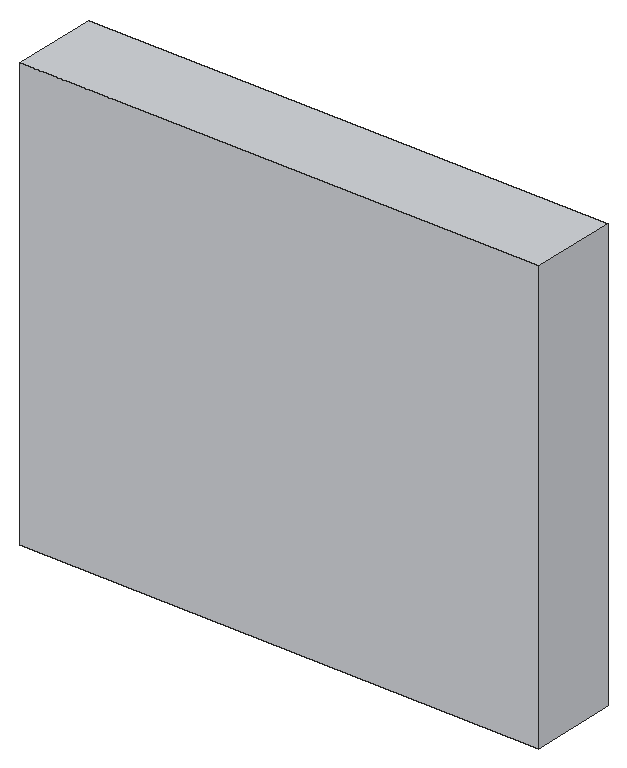
Revit family "HZG_Heizkörper Ventil VL+RL mittig", category HLS-Bauteile, Revit 2016
Family settings
  Teiletyp = Normal
  Bemaßung runder Anschluss = Radius verwenden
  OmniClass-Nummer = 23.65.35.11.11
  OmniClass-Titel = Storage Water Heaters
  Arbeitsebenenbasiert = Nein
  Immer vertikal = Ja
  Beim Laden mit Abzugskörper schneiden = Nein
  Gemeinsam genutzt = Nein
  Raumberechnungspunkt = Nein
Parameters (values of type "22/500/600")
  Typ_VDI2552 = "423.17|Flachheizkörper"  # constant formula
  HZG_Leistung [instance] = 0
  HZG_IstHeizkörper = yes
  HLS_Länge = Länge  # 600 mm
  HLS_Höhe = Höhe  # 500 mm
  HLS_Breite = Breite  # 100 mm
  Cc_Kennzeichen = ""
  Cc_Beschreibung = ""
  Breite = 100 mm
  Wasserdruckverlust [instance] = 0.00 psi
  Massenstrom [instance] = 0 GPM
  Wandabstand = 20 mm
  Nennradius = 7.5 mm
  Nenndurchmesser = Nennradius * 2  # 15 mm
  Länge = 600 mm
  Höhe = 500 mm
  Heizleistung [instance] = 0.0 Btu/h
  Bautiefe = Breite  # 100 mm
  Baulänge = Länge  # 600 mm
  Bauhöhe = Höhe  # 500 mm
  Assembly Code = ""
Types (4, lengths in mm): name | HLS_Länge | HLS_Höhe | HLS_Breite | Breite | Länge | Höhe | Bautiefe | Baulänge | Bauhöhe | Assembly Code
  10/300/600 | 600 | 300 | 61 | 61 | 600 | 300 | 61 | 600 | 300 | ""
  12/400/800 | 800 | 400 | 64 | 64 | 800 | 400 | 64 | 800 | 400 | ""
  22/500/600 | 600 | 500 | 100 | 100 | 600 | 500 | 100 | 600 | 500 | ""
  12/400/1200 | 1200 | 400 | 64 | 64 | 1200 | 400 | 64 | 1200 | 400 | "D3020300"
Reference planes
  plane 1 "Mitte (Vorne/Hinten)": y = 0
  plane 2: z = 0
  plane 3 "Mitte (Links/Rechts)": x = 0
  plane 4: y = -120
  plane 5: y = -70
  plane 6: y = -20
  plane 7: x = 300
  plane 8: z = 500
  plane 9: x = -300
  plane 10: z = 2
Forms (mm)
  Extrusion 1, solid, detail levels medium+fine
    sketch origin (0, 17.773, 0) x (0, -1, 0) y (1, 0, 0)
      loop
        line (37.773, 300) -> (37.773, -300) -> (137.773, -300) -> (137.773, 300) -> (37.773, 300)
    from 0 to 500
  Extrusion 2, solid, detail levels medium+fine
    sketch origin (0, -422.82, 2) x (0, -1, 0) y (1, 0, 0)
      loop
        circle (-352.82, -20) r 7.5
      loop
        circle (-352.82, 20.043) r 7.5
    from 0 to -2
Lines and regions (mm)
  model lines, detail levels coarse
    curve 1: line (300, -20, 0) -> (300, -120, 0)
    curve 2: line (-300, -20, 0) -> (300, -20, 0)
    curve 3: line (-300, -120, 0) -> (-300, -20, 0)
    curve 4: line (300, -120, 0) -> (-300, -120, 0)
  model lines, style "Symbol", detail levels coarse
    curve 5: line (300, -70, 500) -> (-300, -70, 500)
    curve 6: line (300, -70, 0) -> (300, -70, 500)
    curve 7: line (-300, -70, 0) -> (300, -70, 0)
    curve 8: line (-300, -70, 500) -> (-300, -70, 0)
    curve 9: line (0, -20, 500) -> (0, -120, 500)
    curve 10: line (0, -20, 0) -> (0, -20, 500)
    curve 11: line (0, -120, 0) -> (0, -20, 0)
    curve 12: line (0, -120, 500) -> (0, -120, 0)
Dimensions and locks
  equal spacing: plane 6, plane 5, plane 4
  "Breite": plane 6 to plane 4
  "Höhe": plane 8 to level
  plane 7 to plane 9 = 600 mm
  "Länge": plane 7 to plane 9
  locked: plane 10 to level at 2
  "Wandabstand": plane 6 to plane 1 "Mitte (Vorne/Hinten)"
  locked: Extrusion 2 sketch curve to plane 3 "Mitte (Links/Rechts)" at 20
  locked: plane 3 "Mitte (Links/Rechts)" to Extrusion 2 sketch curve at 20.043
  equal spacing: plane 9, plane 3 "Mitte (Links/Rechts)", plane 7
  "Nennradius": radius of Extrusion 2 sketch curve  (x2)
  aligned and locked: plane 2 to level
  aligned and locked: Extrusion 1 sketch curve to plane 7
  aligned and locked: plane 6 to Extrusion 1 sketch curve
  aligned and locked: Extrusion 1 sketch curve to plane 4
  aligned and locked: Extrusion 1 to plane 9
  aligned and locked: Extrusion 1 to level
  aligned and locked: plane 8 to Extrusion 1
  aligned and locked: Extrusion 1 to plane 2
  aligned and locked: curve 1 to Extrusion 1
  aligned and locked: curve 2 to Extrusion 1
  aligned and locked: curve 3 to Extrusion 1
  aligned and locked: curve 4 to Extrusion 1
  aligned and locked: Extrusion 2 to level
  aligned and locked: plane 10 to Extrusion 2
  aligned and locked: curve 5 to Extrusion 1
  aligned and locked: curve 6 to Extrusion 1
  aligned and locked: curve 7 to curve 2
  aligned and locked: curve 8 to Extrusion 1
  aligned and locked: curve 9 to Extrusion 1
  aligned and locked: curve 10 to Extrusion 1
  aligned and locked: curve 11 to curve 1
  aligned and locked: curve 12 to Extrusion 1
Automatic sketch dimensions
  Extrusion 1 sketch curve to plane 9 = 0 mm
  plane 5 to Extrusion 2 sketch curve = 0 mm  (x2)
Connectors
  piping at (-20, -70, 0), diameter 15, driven by "Massenstrom", driven by "Nennradius"
    settings: on Extrusion 2, index 1, connector inside diameter 15 mm, connector length 0 mm, flow factor 0, pipe flow 0 GPM, pressure drop 0.00 psi, fitting loss kfactor 0, connector angle 0.00°, fixture units 0, engagement length 0 mm, angle of deflection 0.00°, flow configuration 1, flow direction 1, fitting loss method 0, system type 7, joint type 0, gender type 0, connector reference index 2, connector utility 0, adjustable connector no, is connector primary yes, connector description ""
  piping at (20.043, -70, 0), diameter 15, driven by "Massenstrom", driven by "Wasserdruckverlust", driven by "Nennradius"
    settings: on Extrusion 2, index 2, connector inside diameter 15 mm, connector length 0 mm, flow factor 0, pipe flow 0 GPM, pressure drop 0.00 psi, fitting loss kfactor 0, connector angle 0.00°, fixture units 0, engagement length 0 mm, angle of deflection 0.00°, flow configuration 1, flow direction 2, fitting loss method 4, system type 8, joint type 0, gender type 0, connector reference index 1, connector utility 0, adjustable connector no, is connector primary no, connector description ""
